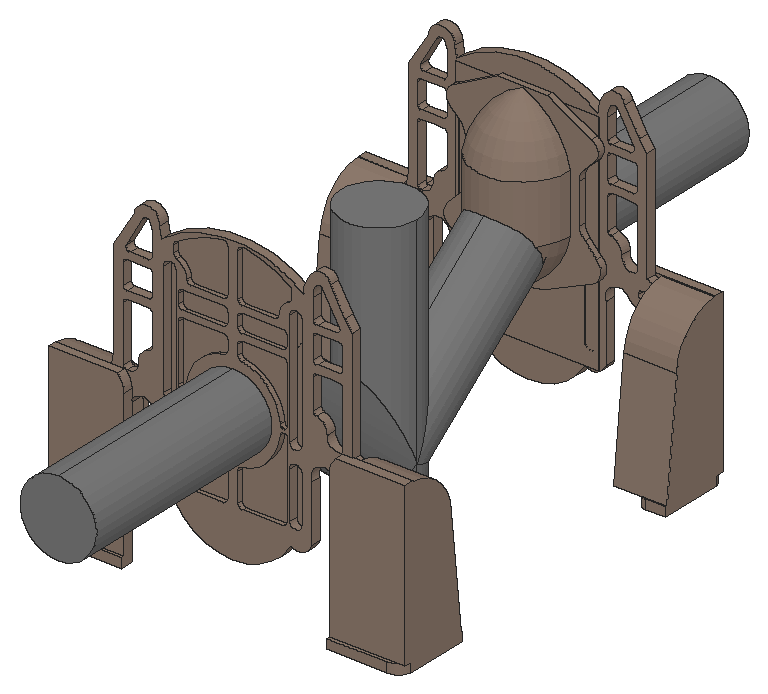
Revit family
Parameters (values of type "0230DY-4")
  Weight (lb) = 127.5
  Warranty = "1 year material and workmanship"  # constant formula
  URL = "http://www.JRSmith.com"
  Type Comments = ""
  Technical and Installation = "http://www.jrsmith.com/products/closet/techdata/td_index.htm"
  Subcategory = ""
  SmartBIM Object Version = 3  # constant formula
  SmartBIM Object Created By = "Reed Construction Data"  # constant formula
  R = 2"  # constant formula
  Product URL = "http://www.jrsmith.com/products/closet/submittal/d0230.pdf"
  Pipe Diameter = 4"
  Offset From Base = 9"
  No Hub = yes
  Inlet Pipe Radius = Pipe Diameter / 2  # 2"
  OmniClass Title = "Commercial Water Closets, Urinals, and Bidets"
  OmniClass Code = "22-22 42 13"
  Model = "0230DY"
  Max. Static Load = "300lb"
  Material = Bronze Polished Brushed
  Manufacturer = "Jay R. Smith Mfg. Co."  # constant formula
  Maintenance = ""
  LEED = yes
  Flow Rate = ""
  Description = "Adjustable Fixture Support for Siphon Jet Water Closet with No-Hub Vertical Fitting"
  Default Elevation = 0"
  Caulk = yes
  Category = ""
  Capacity = "300lb"  # constant formula
  Assembly Code = "D2010110"
  Adjustable Gasket Rubber = 11 1/2"
  95 CSI = ""
  04 CSI = ""
Types (3): name | Weight (lb) | Pipe Diameter | Inlet Pipe Radius
  0230DY-4 | 127.5 | 4" | 2"
  0230DY-5 | 152 | 5" | 2 1/2"
  0230DY-6 | 148.5 | 6" | 3"
Reference planes (in)
  plane 1 "Center (Front/Back)": y = 0
  plane 2: z = 0
  plane 3 "Center (Left/Right)": x = -4.78588
  plane 4: x = -12.05151
  plane 5: x = 3.57349
  plane 6: x = 2.47974
  plane 7: x = -10.98901
  plane 8: y = -10.25
  plane 9: y = -5
  plane 10: z = 11
  plane 11: z = 11
  plane 12: y = -12.25
  plane 13: y = -10.25
  plane 14: y = -10.25
  plane 15: y = -10.25
  plane 16: y = -15.5
  plane 17: z = 9
Forms (in)
  Sweep 1, solid, material "Aluminum Anodized Dark Gray"
    path origin (-4.31763, 4.74637, -0.66148) x (0, 1, 0) y (0, 0, 1)
      loop
        line (-14.99637, 3.66148) -> (-5.24637, 11.28091)
    profile origin (-4.31763, -5.375, 6.80972) x (0, -0.615757, 0.787936) y (1, 0, 0)
      loop
        circle (0, 0) r 2
  Sweep 2, solid, material "Aluminum Anodized Dark Gray"
    path origin (-4.31763, 4.40838, 0) x (0, 1, 0) y (0, 0, 1)
      loop
        line (-14.65838, 14.5) -> (-14.65838, 0)
    profile origin (-4.31763, -10.25, 7.25) x (1, 0, 0) y (0, 1, 0)
      loop
        circle (0, 0) r 2
  Sweep 3, solid, material "Aluminum Anodized Dark Gray"
    path origin (-4.78588, 0, 0) x (0, 1, 0) y (0, 0, 1)
      loop
        line (0, 6.99311) -> (11.5, 6.99311)
    profile origin (-4.78588, 5.75, 6.99311) x (0, 0, 1) y (1, 0, 0)
      loop
        circle (2.00689, 0.48438) r 2
  Sweep 4, solid, material "Aluminum Anodized Dark Gray"
    path origin (-4.31763, -25.24637, -0.66148) x (0, -1, 0) y (0, 0, -1)
      loop
        line (-14.99637, -3.66148) -> (-6.2282, -11.28258)
    profile origin (-4.31763, -14.63409, 6.81055) x (0, -0.656012, -0.754751) y (1, 0, 0)
      loop
        circle (0, 0) r 2
  Sweep 5, solid, material "Aluminum Anodized Dark Gray"
    path origin (-4.78588, -20.5, 0) x (0, -1, 0) y (0, 0, 1)
      loop
        line (-0.63295, 6.99311) -> (10.86705, 6.99311)
    profile origin (-4.78588, -25.61705, 6.99311) x (0, 0, -1) y (1, 0, 0)
      loop
        circle (-2.00689, 0.48438) r 2
Cuts and joins
  joined: Sweep 1, Sweep 2, Sweep 4
Dimensions and locks (in)
  equal spacing: plane 4, plane 3 "Center (Left/Right)", plane 6
  locked: plane 6 to plane 5 at 1.09375
  locked: plane 4 to plane 7 at 1.0625
  "Offset From Base": level to nested 2
  locked: plane 9 to plane 8 at 5.25
  locked: plane 1 "Center (Front/Back)" to plane 9 at 5
  locked: Sweep 2 to plane 13 at 0
  plane 3 "Center (Left/Right)" to Sweep 2 = 2.46825"
  "Adjustable Gasket Rubber": Sweep 3 sketch curve to Sweep 3 sketch curve
  plane 13 to plane 12 = 2"
  level to nested 5 = 9"
  locked: plane 16 to plane 15 at 5.25
  "Adjustable Gasket Rubber": Sweep 5 sketch curve to Sweep 5 sketch curve
  locked: nested 2 to Sweep 2 sketch curve at 1.47178
  "Offset From Base": level to plane 17
  locked: Sweep 1 sketch curve to plane 17 at 1.61943
  Sweep 4 sketch curve to plane 17 = 1 159/256"
  "R": radius of Sweep 1 sketch curve
  "Inlet Pipe Radius": radius of Sweep 2 sketch curve
  "R": radius of Sweep 3 sketch curve
  "R": radius of Sweep 4 sketch curve
  "R": radius of Sweep 5 sketch curve
  aligned and locked: plane 4 to nested 1
  aligned and locked: nested 1 to nested 2
  aligned and locked: plane 5 to nested 3
  aligned and locked: level to nested 3
  aligned and locked: level to Sweep 2 sketch curve
  aligned and locked: plane 13 to plane 8
  aligned and locked: nested 2 to Sweep 3 sketch curve
  aligned and locked: plane 10 to plane 11
  aligned and locked: plane 14 to plane 13
  aligned and locked: nested 4 to nested 5
  aligned and locked: nested 6 to level
  aligned and locked: nested 5 to Sweep 5 sketch curve  (x2)
  aligned and locked: nested 5 to nested 6
  aligned and locked: nested 2 to nested 3
  aligned and locked: plane 1 "Center (Front/Back)" to nested 3
  aligned and locked: nested 5 to plane 17
  aligned and locked: plane 17 to Sweep 5 sketch curve
  aligned and locked: nested 5 to Sweep 3 sketch curve
  aligned and locked: plane 17 to Sweep 3 sketch curve
  aligned and locked: nested 2 to Sweep 1 sketch curve
Automatic sketch dimensions
  Sweep 1 sketch curve to profile plane = 0"  (x2)
  Sweep 2 sketch curve to plane 13 = 0"
  Sweep 2 sketch curve to profile plane = 0"  (x2)
  Sweep 3 sketch curve to plane 10 = 4.00689"
  Sweep 4 sketch curve to profile plane = 0"  (x2)
  plane 10 to Sweep 5 sketch curve = 4.00689"
  Sweep 1 sketch curve to plane 8 = 0"
  level to Sweep 1 sketch curve = 3"
  Sweep 4 sketch curve to plane 13 = 0"
  Sweep 4 sketch curve to plane 16 = 3.51817"
  level to Sweep 4 sketch curve = 3"
Nested families (in)
  nested 1: "Base-Support" at (-4.54069, -7.5, 0) x (0, 1, 0) z (0, 0, 1), type "Base-Support"
  nested 2: "BaseSupport-1" at (-4.30151, -0.5, -0.51593) x (-1, 0, 0) z (0, 0, 1), type "BaseSupport-1"
  nested 3: "Base-Support" at (-3.93732, -7.5, 0) x (0, 1, 0) z (0, 0, 1), type "Base-Support"
  nested 4: "Base-Support" at (-4.54069, -12.36705, 0) x (0, -1, 0) z (0, 0, 1), type "Base-Support"
  nested 5: "BaseSupport-1" at (-4.30151, -19.36705, -0.51593) x (-1, 0, 0) z (0, 0, 1), type "BaseSupport-1"
  nested 6: "Base-Support" at (-3.93732, -12.36705, 0) x (0, -1, 0) z (0, 0, 1), type "Base-Support"
Connectors (in)
  piping at (-4.30151, 11.5, 9)
    settings: on Sweep 3, index 3
  piping at (-4.30151, -31.36705, 9), driven by "R"
    settings: on Sweep 5, index 7
  piping at (-4.31763, -10.25, 14.5), driven by "Inlet Pipe Radius"
    settings: on Sweep 2, index 9
  piping at (-4.31763, -10.25, 0), driven by "Inlet Pipe Radius"
    settings: on Sweep 2, index 10
Definition of nested family "Base-Support"
  Parameters (values of type "Base-Support")
    Offset = 9"
    Material = Bronze Polished Brushed
    Default Elevation = 48"
    Assembly Code = ""
  Reference planes (in)
    plane 1: z = 0
    plane 2: z = 6.04955
    plane 3: z = 9
    plane 4: x = 6.24123
    plane 5: y = 7.51081
    plane 6: x = 7.5
    plane 7: y = 9.06861
    plane 8: y = 8.81861
  Forms (in)
    Extrusion 1, solid, material "Bronze Polished Brushed" <- "Material"
      sketch origin (0, 0, 0) x (0, 1, 0) y (0, 0, 1)
        loop
          line (9.06861, 0.5) -> (9.06861, 9) -> (5.45092, 9)
          arc (5.45092, 9) -> (5.1911, 8.61158) -> (5.09986, 8.15326) r 1.19666
          line (5.09986, 8.15326) -> (5.09986, 0.5) -> (9.06861, 0.5)
      from 7.5 to 8
    Extrusion 2, solid, material "Bronze Polished Brushed" <- "Material"
      sketch origin (0, 0, 0) x (1, 0, 0) y (0, 1, 0)
        loop
          line (8.17878, 5.09986) -> (8.17878, 8.25568)
          arc (8.17878, 8.25568) -> (8.02291, 8.75136) -> (7.6114, 9.06861) r 0.86606
          line (7.6114, 9.06861) -> (5.27175, 9.06861) -> (4.25795, 9.06861) -> (4.25795, 8.04841)
          arc (4.25795, 8.04841) -> (4.34343, 7.76881) -> (4.57064, 7.58482) r 0.5
          line (4.57064, 7.58482) -> (5.44285, 7.23242) -> (7.5, 5.17535) -> (7.5, 5.09986) -> (8.17878, 5.09986)
      from 0 to 0.5
    Extrusion 3, solid, material "Bronze Polished Brushed" <- "Material"
      sketch origin (0, 0, 0) x (1, 0, 0) y (0, 0, 1)
        loop
          line (4.98174, 6.4558) -> (4.32045, 0.5) -> (4.57152, 0.5) -> (5.22952, 6.6088)
          arc (5.22952, 6.6088) -> (5.96073, 8.10516) -> (7.5, 8.7411) r 2.34992
          line (7.5, 8.7411) -> (7.5, 8.97916)
          arc (7.5, 8.97916) -> (5.76803, 8.18937) -> (4.98174, 6.4558) r 2.7121
      from -9.06861 to -6.30946
    Extrusion 4, solid, material "Bronze Polished Brushed" <- "Material"
      sketch origin (0, 6.30946, 0) x (1, 0, 0) y (0, 0, 1)
        loop
          line (5.22952, 6.6088) -> (4.57152, 0.5) -> (7.5, 0.5) -> (7.5, 8.7411)
          arc (7.5, 8.7411) -> (5.96073, 8.10516) -> (5.22952, 6.6088) r 2.34992
      from -2.75915 to -2.50915
  Cuts and joins
    joined: Extrusion 1, Extrusion 2, Extrusion 3, Extrusion 4
  Dimensions and locks (in)
    locked: plane 3 to plane 2 at 2.95045
    locked: plane 3 to Extrusion 3 sketch curve at 0.01434
    plane 3 to Extrusion 3 sketch curve to Extrusion 3 sketch curve = 0.25787", 0.00103"
    "Offset": plane 3 to level
    locked: plane 5 to plane 7 at 1.5578
    locked: plane 7 to plane 8 at 0.25
    aligned and locked: Extrusion 4 sketch curve to cut or joined group of Extrusion 1, Extrusion 2, Extrusion 3, Extrusion 4  (x2)
    aligned and locked: cut or joined group of Extrusion 1, Extrusion 2, Extrusion 3, Extrusion 4 to Extrusion 4 sketch curve
    aligned and locked: Extrusion 2 to Extrusion 4 sketch curve
    aligned and locked: Extrusion 4 to Extrusion 2
    aligned and locked: cut or joined group of Extrusion 1, Extrusion 2, Extrusion 3, Extrusion 4 to plane 8
    aligned and locked: Extrusion 2 sketch curve to cut or joined group of Extrusion 1, Extrusion 2, Extrusion 3, Extrusion 4
  Automatic sketch dimensions
    plane 4 to Extrusion 2 sketch curve = 1.98329"
    Extrusion 2 sketch curve to plane 5 = 0.074"
    Extrusion 2 sketch curve to Extrusion 2 sketch curve = 0.3127"
    Extrusion 2 sketch curve to Extrusion 2 sketch curve = 0.1873"
    plane 4 to Extrusion 2 sketch curve = 0.96949"
    plane 5 to Extrusion 2 sketch curve = 0.27839"
    plane 4 to Extrusion 2 sketch curve = 0.79839"
    Extrusion 2 sketch curve to plane 4 = 1.25877"
    Extrusion 2 sketch curve to Extrusion 2 sketch curve = 0.29867"
    plane 5 to Extrusion 2 sketch curve = 2.33547"
    Extrusion 2 sketch curve to Extrusion 2 sketch curve = 0.07549"
    Extrusion 2 sketch curve to plane 6 = 0.18727"
    Extrusion 2 sketch curve to plane 5 = 0.74487"
    Extrusion 1 sketch curve to plane 3 = 0"
    Extrusion 1 sketch curve to plane 3 = 0.84674"
    plane 5 to Extrusion 1 sketch curve = 2.41095"
    Extrusion 1 sketch curve to Extrusion 1 sketch curve = 0.35106"
    level to Extrusion 1 sketch curve = 1/2"
    Extrusion 1 sketch curve to plane 5 = 1.5578"
    Extrusion 3 sketch curve to plane 6 = 0"
    plane 2 to Extrusion 3 sketch curve = 0.55925"
    plane 4 to Extrusion 3 sketch curve = 1 3/256"
    Extrusion 3 sketch curve to Extrusion 3 sketch curve = 0.24778"
    level to Extrusion 3 sketch curve = 1/2"
    plane 4 to Extrusion 3 sketch curve = 1.66972"
    Extrusion 3 sketch curve to Extrusion 3 sketch curve = 0.25107"
    Extrusion 3 sketch curve to Extrusion 3 sketch curve = 0.11827"
    Extrusion 3 sketch curve to Extrusion 3 sketch curve = 0.11865"
    Extrusion 4 sketch curve to Extrusion 3 = 2.27048"
Definition of nested family "BaseSupport-1"
  Parameters (values of type "BaseSupport-1")
    Unit = Metal Satin
    Depth = 1/2"
    Closet Outlet Gasket Radius = 2"
    Assembly Code = ""
  Reference planes (in)
    plane 1 "Center (Front/Back)": y = 0
    plane 2: z = 0
    plane 3 "Center (Left/Right)": x = 0
    plane 4: y = -0.5
    plane 5: y = -0.25
    plane 6: z = 9.51593
  Forms (in)
    Extrusion 1, solid, material "Metal Satin" <- "Unit"
      sketch origin (0, 0, 0) x (1, 0, 0) y (0, 0, 1)
        loop
          line (-3.73022, 16.16231) -> (-3.73022, 4.19068) -> (3.78854, 4.19068) -> (3.78854, 16.16231) -> (-3.73022, 16.16231)
        loop
          circle (-0.0625, 9.52522) r 2
      from 0 to 0.08215
    Extrusion 2, solid, material "Metal Satin" <- "Unit"
      sketch origin (-27.65173, 0, -5.55846) x (-1, 0, 0) y (0, 0, 1)
        loop
          line (-28.96605, 22.04618) -> (-31.3188, 20.80256)
          arc (-31.3188, 20.80256) -> (-31.64475, 20.34314) -> (-31.46867, 19.80806) r 0.625
          line (-31.46867, 19.80806) -> (-30.90801, 19.2474)
          arc (-30.90801, 19.2474) -> (-30.71834, 18.96353) -> (-30.65173, 18.62868) r 0.875
          line (-30.65173, 18.62868) -> (-30.65173, 16.49632)
          arc (-30.65173, 16.49632) -> (-30.71834, 16.16147) -> (-30.90801, 15.8776) r 0.875
          line (-30.90801, 15.8776) -> (-31.54551, 15.20477)
          arc (-31.54551, 15.20477) -> (-31.76972, 14.57048) -> (-31.36632, 14.0321) r 0.71284
          line (-31.36632, 14.0321) -> (-29.12939, 12.989)
          arc (-29.12939, 12.989) -> (-27.65173, 12.66141) -> (-26.17408, 12.989) r 3.49643
          line (-26.17408, 12.989) -> (-23.93714, 14.0321)
          arc (-23.93714, 14.0321) -> (-23.53374, 14.57048) -> (-23.75796, 15.20477) r 0.71284
          line (-23.75796, 15.20477) -> (-24.39545, 15.8776)
          arc (-24.39545, 15.8776) -> (-24.58513, 16.16147) -> (-24.65173, 16.49632) r 0.875
          line (-24.65173, 16.49632) -> (-24.65173, 18.62868)
          arc (-24.65173, 18.62868) -> (-24.58513, 18.96353) -> (-24.39545, 19.2474) r 0.875
          line (-24.39545, 19.2474) -> (-23.83479, 19.80806)
          arc (-23.83479, 19.80806) -> (-23.65871, 20.34314) -> (-23.98466, 20.80256) r 0.625
          line (-23.98466, 20.80256) -> (-26.33741, 22.04618) -> (-28.96605, 22.04618)
      from 0 to 0.34888
    Revolve 3, solid, material "Metal Satin" <- "Unit"
      sketch origin (27.65173, 0.34888, -5.55846) x (1, 0, 0) y (0, 0, 1)
        loop
          arc (-27.65173, 12.73948) -> (-26.00685, 13.96333) -> (-25.15173, 15.82672) r 4.1363
          line (-25.15173, 15.82672) -> (-25.15173, 18.90224)
          arc (-25.15173, 18.90224) -> (-26.00685, 20.76563) -> (-27.65173, 21.98948) r 4.1363
          line (-27.65173, 21.98948) -> (-27.65173, 12.73948)
        axis (-27.65173, 12.73948) -> (-27.65173, 21.98948)
      angle from 0 to 180
  Dimensions and locks (in)
    equal spacing: plane 4, plane 5, plane 1 "Center (Front/Back)"
    "Depth": plane 4 to plane 1 "Center (Front/Back)"
    "Closet Outlet Gasket Radius": radius of Extrusion 1 sketch curve
    aligned and locked: Extrusion 1 to plane 1 "Center (Front/Back)"
    aligned and locked: plane 1 "Center (Front/Back)" to nested 1
    aligned and locked: plane 3 "Center (Left/Right)" to nested 1
    aligned and locked: plane 6 to nested 1
    aligned and locked: Revolve 3 to Extrusion 2
  Automatic sketch dimensions
    Extrusion 1 sketch curve to plane 3 "Center (Left/Right)" = 1/16"
    Extrusion 1 sketch curve to plane 3 "Center (Left/Right)" = 3.73022"
    plane 3 "Center (Left/Right)" to Extrusion 1 sketch curve = 3.78854"
    level to Extrusion 1 sketch curve = 4.19068"
    Extrusion 1 sketch curve to Extrusion 1 sketch curve = 5.33454"
    Extrusion 1 sketch curve to Extrusion 1 sketch curve = 6.63709"
    Revolve 3 sketch curve to plane 3 "Center (Left/Right)" = 0"  (x2)
    Revolve 3 sketch curve to plane 3 "Center (Left/Right)" = 1.56963"  (x2)
    plane 3 "Center (Left/Right)" to Revolve 3 sketch curve = 2 1/2"
    level to Revolve 3 sketch curve = 7.18102"
    Revolve 3 sketch curve to Revolve 3 sketch curve = 2.66585"
    Revolve 3 sketch curve to Revolve 3 sketch curve = 0.4214"
    Revolve 3 sketch curve to Revolve 3 sketch curve = 1"
    Revolve 3 sketch curve to Revolve 3 sketch curve = 1.59618"
    Revolve 3 sketch curve to Revolve 3 sketch curve = 3.07551"
    Extrusion 2 sketch curve to Extrusion 2 sketch curve = 0.67283"  (x2)
    Extrusion 2 sketch curve to Extrusion 2 sketch curve = 0.52661"  (x2)
    Extrusion 2 sketch curve to Extrusion 2 sketch curve = 0.56066"  (x3)
    Extrusion 2 sketch curve to Extrusion 2 sketch curve = 0.25628"  (x3)
    Extrusion 2 sketch curve to Extrusion 2 sketch curve = 2.23693"
    Extrusion 2 sketch curve to Extrusion 2 sketch curve = 2.35275"
    Extrusion 2 sketch curve to Extrusion 2 sketch curve = 3"
    Extrusion 2 sketch curve to Extrusion 2 sketch curve = 2.62865"
    Extrusion 2 sketch curve to Extrusion 2 sketch curve = 1.0431"  (x2)
    Extrusion 2 sketch curve to Extrusion 2 sketch curve = 0.33847"
    Extrusion 2 sketch curve to Extrusion 2 sketch curve = 2.13236"  (x2)
    Extrusion 2 sketch curve to Extrusion 2 sketch curve = 0.44194"  (x4)
    Extrusion 2 sketch curve to Extrusion 2 sketch curve = 0.30126"  (x2)
    Extrusion 2 sketch curve to Extrusion 2 sketch curve = 0.29207"  (x2)
    Extrusion 2 sketch curve to Extrusion 2 sketch curve = 1.24362"
    Extrusion 2 sketch curve to plane 3 "Center (Left/Right)" = 0"
    Extrusion 2 sketch curve to Extrusion 2 sketch curve = 3/8"
    Extrusion 2 sketch curve to plane 6 = 0.39624"  (x2)
    Extrusion 2 sketch curve to Extrusion 2 sketch curve = 0.15705"  (x2)
    Extrusion 2 sketch curve to Extrusion 2 sketch curve = 0.61872"  (x2)
    Extrusion 2 sketch curve to Extrusion 2 sketch curve = 7/8"  (x2)
    Extrusion 2 sketch curve to Extrusion 2 sketch curve = 0.48045"
    Extrusion 2 sketch curve to plane 3 "Center (Left/Right)" = 1.47766"
    Extrusion 2 sketch curve to plane 3 "Center (Left/Right)" = 3"
    Extrusion 2 sketch curve to Extrusion 2 sketch curve = 0.11872"
  Nested families (in)
    nested 1: "BaseSupport Plate" at (0, 0, 0.03156), type "BaseSupport Plate"
  Definition of nested family "BaseSupport Plate"
    Parameters (values of type "BaseSupport Plate")
      Unit = Bronze Polished Brushed
      Depth = 1/2"
      Closet Outlet Gasket Radius = 2"
      Assembly Code = ""
    Reference planes (in)
      plane 1 "Center (Front/Back)": y = 0
      plane 2: z = 0
      plane 3 "Center (Left/Right)": x = 0
      plane 4: y = -0.5
      plane 5: y = -0.25
      plane 6: z = 9.48438
      plane 7: x = -6.76706
      plane 8: x = 6.76706
    Forms (in)
      Extrusion 1, solid, material "Bronze Polished Brushed" <- "Unit"
        sketch origin (-0.90625, 0, 0) x (1, 0, 0) y (0, 0, 1)
          loop
            line (-5.37423, 15.31653) -> (-5.37423, 9.39268)
            arc (-5.37423, 9.39268) -> (-5.63759, 8.06866) -> (-4.31357, 8.33202) r 0.81179
            arc (-4.31357, 8.33202) -> (-3.48959, 8.36677) -> (-3.24043, 7.5806) r 0.67868
            line (-3.24043, 7.5806) -> (-3.24043, 4.5806)
            arc (-3.24043, 4.5806) -> (-2.78084, 4.12615) -> (-2.13522, 4.15635) r 0.8047
            arc (-2.13522, 4.15635) -> (0.91456, 2.47452) -> (3.96433, 4.15635) r 3.6061
            arc (3.96433, 4.15635) -> (4.69479, 4.19068) -> (5.02325, 4.84402) r 0.7245
            line (5.02325, 4.84402) -> (5.02325, 8.00082)
            arc (5.02325, 8.00082) -> (5.64825, 8.50449) -> (6.27325, 8.00082) r 0.63961
            arc (6.27325, 8.00082) -> (7.25395, 7.90783) -> (7.50198, 8.86118) r 0.7597
            arc (7.50198, 8.86118) -> (7.28297, 9.44955) -> (7.17846, 10.06859) r 3.32534
            line (7.17846, 10.06859) -> (7.17846, 15.17378) -> (6.11862, 16.86987)
            arc (6.11862, 16.86987) -> (5.43289, 17.5556) -> (4.74716, 16.86987) r 0.68573
            line (4.74716, 16.86987) -> (4.64577, 16.29491)
            arc (4.64577, 16.29491) -> (0.91114, 17.52176) -> (-2.82349, 16.29491) r 6.29768
            arc (-2.82349, 16.29491) -> (-2.94301, 16.9795) -> (-3.37508, 17.52381) r 1.40973
            arc (-3.37508, 17.52381) -> (-3.87203, 17.59936) -> (-4.20416, 17.22205) r 0.5243
            line (-4.20416, 17.22205) -> (-4.97461, 15.88724) -> (-5.37423, 15.31653)
          loop
            circle (0.90625, 9.48438) r 2
          loop
            circle (-5.18263, 8.53004) r 0.25
          loop
            circle (6.99513, 8.53004) r 0.25
          loop
            line (-3.80985, 16.905) -> (-4.70064, 15.36171)
            arc (-4.70064, 15.36171) -> (-4.70062, 15.16121) -> (-4.52698, 15.06097) r 0.20051
            line (-4.52698, 15.06097) -> (-3.52126, 15.06097)
            arc (-3.52126, 15.06097) -> (-3.38039, 15.11932) -> (-3.32204, 15.26019) r 0.19922
            line (-3.32204, 15.26019) -> (-3.32204, 16.33297)
            arc (-3.32204, 16.33297) -> (-3.35077, 16.63907) -> (-3.47982, 16.91812) r 0.90973
            arc (-3.47982, 16.91812) -> (-3.64845, 17.00252) -> (-3.80985, 16.905) r 0.19531
          loop
            arc (-4.70777, 9.43262) -> (-4.22801, 9.58516) -> (-4.05507, 10.05795) r 0.57144
            arc (-4.05507, 10.05795) -> (-3.89252, 10.51827) -> (-3.47696, 10.77443) r 0.73303
            arc (-3.47696, 10.77443) -> (-3.3656, 10.84307) -> (-3.32204, 10.96642) r 0.19642
            line (-3.32204, 10.96642) -> (-3.32204, 12.5825)
            arc (-3.32204, 12.5825) -> (-3.37086, 12.71314) -> (-3.49339, 12.77976) r 0.19922
            arc (-3.49339, 12.77976) -> (-4.09778, 12.82227) -> (-4.70217, 12.77986) r 4.32247
            arc (-4.70217, 12.77986) -> (-4.82521, 12.71299) -> (-4.87423, 12.58182) r 0.2
            line (-4.87423, 12.58182) -> (-4.87423, 9.62579)
            arc (-4.87423, 9.62579) -> (-4.82687, 9.4983) -> (-4.70777, 9.43262) r 0.19531
          loop
            arc (-4.67501, 14.68775) -> (-4.81588, 14.6294) -> (-4.87423, 14.48853) r 0.19922
            line (-4.87423, 14.48853) -> (-4.87423, 13.38697)
            arc (-4.87423, 13.38697) -> (-4.81588, 13.2461) -> (-4.67501, 13.18775) r 0.19922
            line (-4.67501, 13.18775) -> (-3.52126, 13.18775)
            arc (-3.52126, 13.18775) -> (-3.38039, 13.2461) -> (-3.32204, 13.38697) r 0.19922
            line (-3.32204, 13.38697) -> (-3.32204, 14.48853)
            arc (-3.32204, 14.48853) -> (-3.38039, 14.6294) -> (-3.52126, 14.68775) r 0.19922
            line (-3.52126, 14.68775) -> (-4.67501, 14.68775)
          loop
            arc (5.62235, 16.905) -> (5.46095, 17.00252) -> (5.29232, 16.91812) r 0.19531
            arc (5.29232, 16.91812) -> (5.16327, 16.63907) -> (5.13454, 16.33297) r 0.90973
            line (5.13454, 16.33297) -> (5.13454, 15.26019)
            arc (5.13454, 15.26019) -> (5.19289, 15.11932) -> (5.33376, 15.06097) r 0.19922
            line (5.33376, 15.06097) -> (6.33948, 15.06097)
            arc (6.33948, 15.06097) -> (6.51312, 15.16121) -> (6.51314, 15.36171) r 0.20051
            line (6.51314, 15.36171) -> (5.62235, 16.905)
          loop
            line (6.48751, 14.68775) -> (5.33376, 14.68775)
            arc (5.33376, 14.68775) -> (5.19289, 14.6294) -> (5.13454, 14.48853) r 0.19922
            line (5.13454, 14.48853) -> (5.13454, 13.38697)
            arc (5.13454, 13.38697) -> (5.19289, 13.2461) -> (5.33376, 13.18775) r 0.19922
            line (5.33376, 13.18775) -> (6.48751, 13.18775)
            arc (6.48751, 13.18775) -> (6.62838, 13.2461) -> (6.68673, 13.38697) r 0.19922
            line (6.68673, 13.38697) -> (6.68673, 14.48853)
            arc (6.68673, 14.48853) -> (6.62838, 14.6294) -> (6.48751, 14.68775) r 0.19922
          loop
            arc (6.52027, 9.43262) -> (6.63937, 9.4983) -> (6.68673, 9.62579) r 0.19531
            line (6.68673, 9.62579) -> (6.68673, 12.58182)
            arc (6.68673, 12.58182) -> (6.63771, 12.71299) -> (6.51467, 12.77986) r 0.2
            arc (6.51467, 12.77986) -> (5.91028, 12.82227) -> (5.30589, 12.77976) r 4.32247
            arc (5.30589, 12.77976) -> (5.18336, 12.71314) -> (5.13454, 12.5825) r 0.19922
            line (5.13454, 12.5825) -> (5.13454, 10.96642)
            arc (5.13454, 10.96642) -> (5.1781, 10.84307) -> (5.28946, 10.77443) r 0.19642
            arc (5.28946, 10.77443) -> (5.70502, 10.51827) -> (5.86757, 10.05795) r 0.73303
            arc (5.86757, 10.05795) -> (6.04051, 9.58516) -> (6.52027, 9.43262) r 0.57144
          loop
            arc (-2.7316, 9.09281) -> (-2.4066, 8.76781) -> (-2.0816, 9.09281) r 0.325
            line (-2.0816, 9.09281) -> (-2.0816, 15.06097)
            arc (-2.0816, 15.06097) -> (-2.4066, 15.38597) -> (-2.7316, 15.06097) r 0.325
            line (-2.7316, 15.06097) -> (-2.7316, 9.09281)
          loop
            arc (-2.7316, 5.34281) -> (-2.4066, 5.01781) -> (-2.0816, 5.34281) r 0.325
            line (-2.0816, 5.34281) -> (-2.0816, 7.81097)
            arc (-2.0816, 7.81097) -> (-2.4066, 8.13597) -> (-2.7316, 7.81097) r 0.325
            line (-2.7316, 7.81097) -> (-2.7316, 5.34281)
          loop
            line (4.5441, 9.09281) -> (4.5441, 15.06097)
            arc (4.5441, 15.06097) -> (4.2191, 15.38597) -> (3.8941, 15.06097) r 0.325
            line (3.8941, 15.06097) -> (3.8941, 9.09281)
            arc (3.8941, 9.09281) -> (4.2191, 8.76781) -> (4.5441, 9.09281) r 0.325
          loop
            line (4.5441, 5.34281) -> (4.5441, 7.81097)
            arc (4.5441, 7.81097) -> (4.2191, 8.13597) -> (3.8941, 7.81097) r 0.325
            line (3.8941, 7.81097) -> (3.8941, 5.34281)
            arc (3.8941, 5.34281) -> (4.2191, 5.01781) -> (4.5441, 5.34281) r 0.325
        from 0 to 0.5
      Extrusion 2, void
        sketch origin (-0.90625, -0.5, 0) x (-1, 0, 0) y (0, 0, 1)
          loop
            line (1.9566, 13.53434) -> (1.9566, 14.03434)
            arc (1.9566, 14.03434) -> (1.88337, 14.21112) -> (1.7066, 14.28434) r 0.25
            line (1.7066, 14.28434) -> (-0.39857, 14.28434)
            arc (-0.39857, 14.28434) -> (-0.57534, 14.21112) -> (-0.64857, 14.03434) r 0.25
            line (-0.64857, 14.03434) -> (-0.64857, 13.53434)
            arc (-0.64857, 13.53434) -> (-0.57534, 13.35757) -> (-0.39857, 13.28434) r 0.25
            line (-0.39857, 13.28434) -> (1.7066, 13.28434)
            arc (1.7066, 13.28434) -> (1.88337, 13.35757) -> (1.9566, 13.53434) r 0.25
          loop
            arc (-1.36882, 6.99312) -> (-2.76072, 7.76519) -> (-3.40157, 9.22218) r 2.49248
            arc (-3.40157, 9.22218) -> (-3.58534, 9.40594) -> (-3.7691, 9.22218) r 0.18376
            line (-3.7691, 9.22218) -> (-3.7691, 5.24691)
            arc (-3.7691, 5.24691) -> (-3.69587, 5.07013) -> (-3.5191, 4.99691) r 0.25
            line (-3.5191, 4.99691) -> (-1.41393, 4.99691)
            arc (-1.41393, 4.99691) -> (-1.23716, 5.07013) -> (-1.16393, 5.24691) r 0.25
            line (-1.16393, 5.24691) -> (-1.16393, 6.74722)
            arc (-1.16393, 6.74722) -> (-1.22187, 6.90726) -> (-1.36882, 6.99312) r 0.25
          loop
            line (-1.16393, 12.22153) -> (-1.16393, 12.72184)
            arc (-1.16393, 12.72184) -> (-1.23716, 12.89862) -> (-1.41393, 12.97184) r 0.25
            line (-1.41393, 12.97184) -> (-3.5191, 12.97184)
            arc (-3.5191, 12.97184) -> (-3.69587, 12.89862) -> (-3.7691, 12.72184) r 0.25
            line (-3.7691, 12.72184) -> (-3.7691, 9.74657)
            arc (-3.7691, 9.74657) -> (-3.58534, 9.56281) -> (-3.40157, 9.74657) r 0.18376
            arc (-3.40157, 9.74657) -> (-2.76072, 11.20356) -> (-1.36882, 11.97563) r 2.49248
            arc (-1.36882, 11.97563) -> (-1.22187, 12.06149) -> (-1.16393, 12.22153) r 0.25
          loop
            arc (1.5184, 14.84115) -> (1.66795, 15.31096) -> (2.04765, 15.62548) r 0.87555
            arc (2.04765, 15.62548) -> (2.15764, 15.71765) -> (2.19883, 15.85512) r 0.25
            line (2.19883, 15.85512) -> (2.19883, 16.23756)
            arc (2.19883, 16.23756) -> (2.16865, 16.35665) -> (2.08539, 16.44698) r 0.25
            arc (2.08539, 16.44698) -> (0.91246, 17.04578) -> (-0.36007, 17.38487) r 6.23518
            arc (-0.36007, 17.38487) -> (-0.56116, 17.32776) -> (-0.64857, 17.13786) r 0.25
            line (-0.64857, 17.13786) -> (-0.64857, 14.84684)
            arc (-0.64857, 14.84684) -> (-0.57534, 14.67007) -> (-0.39857, 14.59684) r 0.25
            line (-0.39857, 14.59684) -> (1.26847, 14.59684)
            arc (1.26847, 14.59684) -> (1.44322, 14.66807) -> (1.5184, 14.84115) r 0.25
          loop
            arc (-3.3309, 14.84115) -> (-3.25572, 14.66807) -> (-3.08097, 14.59684) r 0.25
            line (-3.08097, 14.59684) -> (-1.41393, 14.59684)
            arc (-1.41393, 14.59684) -> (-1.23716, 14.67007) -> (-1.16393, 14.84684) r 0.25
            line (-1.16393, 14.84684) -> (-1.16393, 17.13786)
            arc (-1.16393, 17.13786) -> (-1.25134, 17.32776) -> (-1.45243, 17.38487) r 0.25
            arc (-1.45243, 17.38487) -> (-2.72496, 17.04578) -> (-3.89789, 16.44698) r 6.23518
            arc (-3.89789, 16.44698) -> (-3.98115, 16.35665) -> (-4.01133, 16.23756) r 0.25
            line (-4.01133, 16.23756) -> (-4.01133, 15.85512)
            arc (-4.01133, 15.85512) -> (-3.97014, 15.71765) -> (-3.86015, 15.62548) r 0.25
            arc (-3.86015, 15.62548) -> (-3.48045, 15.31096) -> (-3.3309, 14.84115) r 0.87555
          loop
            arc (-0.64857, 12.22153) -> (-0.59063, 12.06149) -> (-0.44368, 11.97563) r 0.25
            arc (-0.44368, 11.97563) -> (0.94822, 11.20356) -> (1.58907, 9.74657) r 2.49248
            arc (1.58907, 9.74657) -> (1.77284, 9.56281) -> (1.9566, 9.74657) r 0.18376
            line (1.9566, 9.74657) -> (1.9566, 12.72184)
            arc (1.9566, 12.72184) -> (1.88337, 12.89862) -> (1.7066, 12.97184) r 0.25
            line (1.7066, 12.97184) -> (-0.39857, 12.97184)
            arc (-0.39857, 12.97184) -> (-0.57534, 12.89862) -> (-0.64857, 12.72184) r 0.25
            line (-0.64857, 12.72184) -> (-0.64857, 12.22153)
          loop
            arc (-0.44368, 6.99312) -> (-0.59063, 6.90726) -> (-0.64857, 6.74722) r 0.25
            line (-0.64857, 6.74722) -> (-0.64857, 5.24691)
            arc (-0.64857, 5.24691) -> (-0.57534, 5.07013) -> (-0.39857, 4.99691) r 0.25
            line (-0.39857, 4.99691) -> (1.7066, 4.99691)
            arc (1.7066, 4.99691) -> (1.88337, 5.07013) -> (1.9566, 5.24691) r 0.25
            line (1.9566, 5.24691) -> (1.9566, 9.22218)
            arc (1.9566, 9.22218) -> (1.77284, 9.40594) -> (1.58907, 9.22218) r 0.18376
            arc (1.58907, 9.22218) -> (0.94822, 7.76519) -> (-0.44368, 6.99312) r 2.49248
          loop
            arc (-3.7691, 13.53434) -> (-3.69587, 13.35757) -> (-3.5191, 13.28434) r 0.25
            line (-3.5191, 13.28434) -> (-1.41393, 13.28434)
            arc (-1.41393, 13.28434) -> (-1.23716, 13.35757) -> (-1.16393, 13.53434) r 0.25
            line (-1.16393, 13.53434) -> (-1.16393, 14.03434)
            arc (-1.16393, 14.03434) -> (-1.23716, 14.21112) -> (-1.41393, 14.28434) r 0.25
            line (-1.41393, 14.28434) -> (-3.5191, 14.28434)
            arc (-3.5191, 14.28434) -> (-3.69587, 14.21112) -> (-3.7691, 14.03434) r 0.25
            line (-3.7691, 14.03434) -> (-3.7691, 13.53434)
        from 0 to 0.25
    Cuts and joins
      Extrusion 2 cuts Extrusion 1
    Dimensions and locks (in)
      equal spacing: plane 4, plane 5, plane 1 "Center (Front/Back)"
      "Depth": plane 4 to plane 1 "Center (Front/Back)"
      "Closet Outlet Gasket Radius": radius of Extrusion 1 sketch curve
      aligned and locked: Extrusion 1 to plane 4
      aligned and locked: Extrusion 1 to plane 1 "Center (Front/Back)"
      aligned and locked: plane 5 to Extrusion 2
    Automatic sketch dimensions
      Extrusion 1 sketch curve to Extrusion 1 sketch curve = 0"  (x20)
      Extrusion 1 sketch curve to plane 3 "Center (Left/Right)" = 0"
      Extrusion 1 sketch curve to plane 6 = 0"
      Extrusion 1 sketch curve to plane 3 "Center (Left/Right)" = 2.98785"
      Extrusion 1 sketch curve to plane 6 = 0.39157"  (x2)
      Extrusion 1 sketch curve to Extrusion 1 sketch curve = 0.05363"
      Extrusion 1 sketch curve to Extrusion 1 sketch curve = 0.325"  (x4)
      Extrusion 1 sketch curve to Extrusion 1 sketch curve = 0.08587"
      Extrusion 1 sketch curve to Extrusion 1 sketch curve = 0.0919"
      Extrusion 1 sketch curve to Extrusion 1 sketch curve = 0.74796"
      Extrusion 1 sketch curve to Extrusion 1 sketch curve = 0.59045"  (x3)
      Extrusion 1 sketch curve to Extrusion 1 sketch curve = 0.49855"
      Extrusion 1 sketch curve to Extrusion 1 sketch curve = 0.05304"
      Extrusion 1 sketch curve to Extrusion 1 sketch curve = 0.15491"  (x2)
      Extrusion 1 sketch curve to Extrusion 1 sketch curve = 0.15778"
      Extrusion 1 sketch curve to Extrusion 1 sketch curve = 0.17135"  (x2)
      Extrusion 1 sketch curve to Extrusion 1 sketch curve = 0.04151"
      Extrusion 1 sketch curve to Extrusion 1 sketch curve = 51/256"  (x10)
      Extrusion 1 sketch curve to Extrusion 1 sketch curve = 0.02787"
      Extrusion 1 sketch curve to Extrusion 1 sketch curve = 0.16087"
      Extrusion 1 sketch curve to Extrusion 1 sketch curve = 0.21289"
      Extrusion 1 sketch curve to Extrusion 1 sketch curve = 0.16916"
      Extrusion 1 sketch curve to Extrusion 1 sketch curve = 0.63844"
      Extrusion 1 sketch curve to Extrusion 1 sketch curve = 0.21927"
      Extrusion 1 sketch curve to Extrusion 1 sketch curve = 0.39431"
      Extrusion 1 sketch curve to Extrusion 1 sketch curve = 0.41929"
      Extrusion 1 sketch curve to Extrusion 1 sketch curve = 0.21543"
      Extrusion 1 sketch curve to Extrusion 1 sketch curve = 1.00572"  (x2)
      Extrusion 1 sketch curve to Extrusion 1 sketch curve = 0.56826"  (x2)
      Extrusion 1 sketch curve to Extrusion 1 sketch curve = 1.15297"  (x2)
      Extrusion 1 sketch curve to Extrusion 1 sketch curve = 0.14802"  (x2)
      Extrusion 1 sketch curve to Extrusion 1 sketch curve = 0.00078"  (x2)
      plane 6 to Extrusion 1 sketch curve = 0.14142"  (x2)
      Extrusion 1 sketch curve to Extrusion 1 sketch curve = 0.05558"  (x2)
      Extrusion 1 sketch curve to Extrusion 1 sketch curve = 0.17365"  (x2)
      Extrusion 1 sketch curve to Extrusion 1 sketch curve = 0.02795"  (x2)
      Extrusion 1 sketch curve to plane 6 = 0.05175"  (x2)
      Extrusion 1 sketch curve to Extrusion 1 sketch curve = 0.27397"
      Extrusion 1 sketch curve to plane 7 = 0.79724"
      Extrusion 1 sketch curve to Extrusion 1 sketch curve = 0.11906"
      Extrusion 1 sketch curve to plane 7 = 0.48658"
      plane 3 "Center (Left/Right)" to Extrusion 1 sketch curve = 0.00489"
      plane 3 "Center (Left/Right)" to Extrusion 1 sketch curve = 0.00831"
      plane 3 "Center (Left/Right)" to Extrusion 1 sketch curve = 2.98785"
      Extrusion 1 sketch curve to Extrusion 1 sketch curve = 0.07024"
      Extrusion 1 sketch curve to Extrusion 1 sketch curve = 0.0811"
      Extrusion 1 sketch curve to Extrusion 1 sketch curve = 0.10168"
      Extrusion 1 sketch curve to Extrusion 1 sketch curve = 0.10138"
      Extrusion 1 sketch curve to Extrusion 1 sketch curve = 0.47916"
      Extrusion 1 sketch curve to Extrusion 1 sketch curve = 0.54516"
      Extrusion 1 sketch curve to Extrusion 1 sketch curve = 0.19642"
      Extrusion 1 sketch curve to Extrusion 1 sketch curve = 0.14057"
      Extrusion 1 sketch curve to Extrusion 1 sketch curve = 0.0203"
      Extrusion 1 sketch curve to Extrusion 1 sketch curve = 0.18946"
      Extrusion 1 sketch curve to Extrusion 1 sketch curve = 5/8"
      Extrusion 1 sketch curve to Extrusion 1 sketch curve = 0.26238"
      Extrusion 1 sketch curve to Extrusion 1 sketch curve = 0.07698"
      Extrusion 1 sketch curve to Extrusion 1 sketch curve = 0.36262"
      Extrusion 1 sketch curve to Extrusion 1 sketch curve = 0.54495"
      Extrusion 1 sketch curve to Extrusion 1 sketch curve = 0.17693"
      Extrusion 1 sketch curve to plane 8 = 0.49485"
      Extrusion 1 sketch curve to plane 8 = 0.17133"
      plane 6 to Extrusion 1 sketch curve = 0.82583"
      plane 8 to Extrusion 1 sketch curve = 2.8217"
      Extrusion 1 sketch curve to Extrusion 1 sketch curve = 0.76461"
      Extrusion 1 sketch curve to plane 6 = 0.84169"
      Extrusion 1 sketch curve to Extrusion 1 sketch curve = 0.11264"
      Extrusion 1 sketch curve to Extrusion 1 sketch curve = 0.00009"
      Extrusion 1 sketch curve to Extrusion 1 sketch curve = 0.14288"
      Extrusion 1 sketch curve to Extrusion 1 sketch curve = 0.49898"
      Extrusion 1 sketch curve to Extrusion 1 sketch curve = 0.16778"
      Extrusion 1 sketch curve to Extrusion 1 sketch curve = 0.13594"
      Extrusion 1 sketch curve to Extrusion 1 sketch curve = 0.18985"
      Extrusion 1 sketch curve to Extrusion 1 sketch curve = 1.28184"
      Extrusion 1 sketch curve to Extrusion 1 sketch curve = 0.52119"
      Extrusion 1 sketch curve to plane 6 = 3.40376"
      Extrusion 1 sketch curve to Extrusion 1 sketch curve = 2.46816"
      Extrusion 1 sketch curve to Extrusion 1 sketch curve = 2.23779"
      Extrusion 1 sketch curve to Extrusion 1 sketch curve = 0.46541"
      Extrusion 1 sketch curve to Extrusion 1 sketch curve = 0.49879"
      Extrusion 1 sketch curve to Extrusion 1 sketch curve = 0.54451"
      plane 6 to Extrusion 1 sketch curve = 1.7397"
      Extrusion 1 sketch curve to Extrusion 1 sketch curve = 0.40799"  (x2)
      Extrusion 1 sketch curve to Extrusion 1 sketch curve = 1 13/128"  (x2)
      Extrusion 1 sketch curve to Extrusion 1 sketch curve = 0.57244"
      Extrusion 1 sketch curve to Extrusion 1 sketch curve = 0.37322"  (x2)
      Extrusion 1 sketch curve to Extrusion 1 sketch curve = 0.68525"
      Extrusion 1 sketch curve to Extrusion 1 sketch curve = 0.20051"  (x2)
      Extrusion 1 sketch curve to Extrusion 1 sketch curve = 0.04517"
      Extrusion 1 sketch curve to Extrusion 1 sketch curve = 0.52553"
      Extrusion 1 sketch curve to Extrusion 1 sketch curve = 1.03472"
      Extrusion 1 sketch curve to Extrusion 1 sketch curve = 0.03807"  (x2)
      Extrusion 1 sketch curve to Extrusion 1 sketch curve = 0.06926"
      Extrusion 1 sketch curve to Extrusion 1 sketch curve = 0.51499"
      Extrusion 1 sketch curve to Extrusion 1 sketch curve = 0.46764"
      Extrusion 1 to Extrusion 2 sketch curve = 1/8"  (x4)
      Extrusion 1 to Extrusion 2 sketch curve = 0.03395"  (x2)
      Extrusion 2 sketch curve to Extrusion 2 sketch curve = 0"  (x20)
      Extrusion 2 sketch curve to Extrusion 1 = 0.00379"  (x2)
      Extrusion 2 sketch curve to Extrusion 1 = 0.11724"
      Extrusion 1 to Extrusion 2 sketch curve = 0.13348"
      Extrusion 2 sketch curve to Extrusion 1 = 0.31213"
      Extrusion 1 to Extrusion 2 sketch curve = 0.13276"  (x4)
      Extrusion 2 sketch curve to Extrusion 2 sketch curve = 1/4"  (x17)
      Extrusion 1 to Extrusion 2 sketch curve = 0.15341"  (x2)
      Extrusion 1 to Extrusion 2 sketch curve = 0.56319"
      Extrusion 1 to Extrusion 2 sketch curve = 0.1591"
      Extrusion 1 to Extrusion 2 sketch curve = 2.44166"
      Extrusion 2 sketch curve to Extrusion 1 = 0.0966"  (x2)
      Extrusion 2 sketch curve to Extrusion 1 = 0.4034"
      Extrusion 2 sketch curve to Extrusion 2 sketch curve = 0.0385"  (x2)
      Extrusion 2 sketch curve to Extrusion 2 sketch curve = 0.0485"
      Extrusion 2 sketch curve to Extrusion 2 sketch curve = 0.0256"  (x2)
      Extrusion 2 sketch curve to Extrusion 2 sketch curve = 0.51537"  (x4)
      Extrusion 2 sketch curve to Extrusion 2 sketch curve = 0.20489"  (x2)
      Extrusion 2 sketch curve to Extrusion 1 = 0.0909"
      Extrusion 1 to Extrusion 2 sketch curve = 0.81313"
      Extrusion 2 sketch curve to Extrusion 2 sketch curve = 0.24994"
      Extrusion 1 to Extrusion 2 sketch curve = 0.49252"  (x2)
      Extrusion 1 to Extrusion 2 sketch curve = 3/8"  (x4)
      Extrusion 2 sketch curve to Extrusion 2 sketch curve = 0.18376"  (x4)
      Extrusion 2 sketch curve to Extrusion 2 sketch curve = 0.75155"  (x2)
      Extrusion 1 to Extrusion 2 sketch curve = 0.4659"
      Extrusion 2 sketch curve to Extrusion 2 sketch curve = 1/2"
      Extrusion 1 to Extrusion 2 sketch curve = 0.2159"
      Extrusion 1 to Extrusion 2 sketch curve = 2.48016"
      Extrusion 2 sketch curve to Extrusion 2 sketch curve = 0.04511"  (x2)
      Extrusion 2 sketch curve to Extrusion 2 sketch curve = 0.40127"
      Extrusion 2 sketch curve to Extrusion 2 sketch curve = 0.50032"
      Extrusion 2 sketch curve to Extrusion 2 sketch curve = 0.0794"
      Extrusion 2 sketch curve to Extrusion 2 sketch curve = 1.50032"
      radius of Extrusion 1 sketch curve = 1/4"  (x2)
